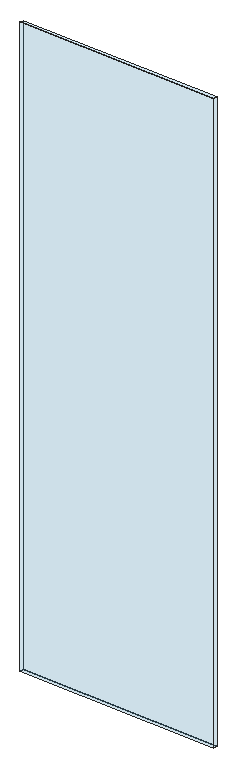
Revit family "Sefaira_Fixed", category Windows, host Wall, Revit 2014
Parameters (values of type "24" x 48"")
  Visual Light Transmittance = 0.9
  Thermal Resistance (R) = 1.5394 (h·ft²·°F)/BTU
  Solar Heat Gain Coefficient = 0.78
  Construction Type Id = "GSP4R"
  Heat Transfer Coefficient (U) = 0.6496 BTU/(h·ft²·°F)
  Assembly Code = "B2020100"
  Glass Pane Material = Glass
  Height = 6' - 0"
  Sash Material = Sash
  Default Sill Height = 3' - 0"
  Wall Closure = By host
  Width = 2' - 0"
  Analytic Construction = "1/8 in Pilkington single glazing"
Types (9): name | Height | Default Sill Height | Width
  36" x 48" | 6' - 0" | 3' - 0" | 2' - 0"
  24" x 48" | 6' - 0" | 3' - 0" | 2' - 0"
  24" x 24" | 2' - 0" | 3' - 0" | 2' - 0"
  16" x 24" | 2' - 0" | 3' - 0" | 1' - 4"
  16" x 48" | 4' - 0" | 3' - 0" | 1' - 4"
  16" x 72" | 6' - 0" | 1' - 0" | 1' - 4"
  24" x 72" | 6' - 0" | 1' - 0" | 2' - 0"
  36" x 24" | 2' - 0" | 3' - 0" | 3' - 0"
  36" x 72" | 6' - 0" | 1' - 0" | 3' - 0"
Reference planes (in)
  plane 1: y = 0
  plane 2: z = 0
  plane 3 "Center": x = -1.5
  plane 4 "Left": x = -13.5
  plane 5 "Right": x = 10.5
  plane 6 "Sill": z = 36
  plane 7 "Top": z = 108
  plane 8: y = 4
  plane 9: y = -4
  plane 10: y = 3.25
  plane 11: x = -12.75
  plane 12: x = -12.25
  plane 13: x = 9.75
  plane 14: x = 9.25
  plane 15: z = 107.25
  plane 16: z = 106.75
  plane 17: z = 37.25
  plane 18 "Closure": y = 2.125
Forms (in)
  Extrusion 1, solid, material "Glass" <- "Glass Pane Material"
    sketch origin (-4.9201, 0, -4.60771) x (1, 0, 0) y (0, 0, 1)
      loop
        line (-8.5799, 112.60771) -> (-8.5799, 40.60771) -> (15.4201, 40.60771) -> (15.4201, 112.60771) -> (-8.5799, 112.60771)
    from -2.625 to -2.125
Lines and regions (in)
  Opening 1
    outline origin (-60, -4, 0) x (1, 0, 0) y (0, 0, 1)
      loop
        line (46.5, 108) -> (46.5, 36) -> (70.5, 36) -> (70.5, 108) -> (46.5, 108)
  symbolic lines, style "WindowsFrameMullionProjection"
    curve 1: line (-13.5, 4, 0) -> (-12.75, 4, 0)
    curve 2: line (-12.75, 1.5, 0) -> (-12.75, 4, 0)
    curve 3: line (-12.75, 1.5, 0) -> (-12.25, 1.5, 0)
    curve 4: line (-12.25, -4, 0) -> (-12.25, 1.5, 0)
    curve 5: line (10.5, 4, 0) -> (9.75, 4, 0)
    curve 6: line (9.25, 1.5, 0) -> (9.25, -4, 0)
    curve 7: line (9.25, 1.5, 0) -> (9.75, 1.5, 0)
    curve 8: line (9.75, 1.5, 0) -> (9.75, 4, 0)
    curve 9: line (-12.75, 3.25, 0) -> (-11, 3.25, 0)
    curve 10: line (-12.75, 3.25, 0) -> (-12.75, 1.5, 0)
    curve 11: line (-12.75, 1.5, 0) -> (-11, 1.5, 0)
    curve 12: line (-11, 3.25, 0) -> (-11, 1.5, 0)
    curve 13: line (9.75, 3.25, 0) -> (8, 3.25, 0)
    curve 14: line (9.75, 3.25, 0) -> (9.75, 1.5, 0)
    curve 15: line (9.75, 1.5, 0) -> (8, 1.5, 0)
    curve 16: line (8, 3.25, 0) -> (8, 1.5, 0)
    curve 18: line (-12.25, -4, 0) -> (-13.5, -4, 0)
    curve 19: line (9.25, -4, 0) -> (10.5, -4, 0)
  symbolic lines, style "WindowsGlassProjection"
    curve 17: line (-11, 2.375, 0) -> (8, 2.375, 0)
Text (in)
  text "EXTERIOR" at (-56.58296, 53.32073, 0), in view "Floor Line"
  text "INTERIOR" at (-58.6888, -42.14638, 0), in view "Floor Line"
  text "Exterior" at (0, 43.65631, 134.44969), in view "Left"
  text "Exterior" at (0, 18.29385, 125.04747), in view "Right"
Dimensions and locks (in)
  equal spacing: plane 4 "Left", plane 3 "Center", plane 5 "Right"
  "Width": plane 4 "Left" to plane 5 "Right"
  plane 2 to plane 6 "Sill" to plane 16 to plane 7 "Top" = 3' - 0", 5' - 10 3/4", 0' - 1 1/4"
  locked: plane 8 to plane 10 at 0.75
  locked: plane 10 to Extrusion 1 at 0.625
  locked: Extrusion 1 to Extrusion 1 at 0.5
  locked: plane 4 "Left" to plane 11 at 0.75
  locked: plane 13 to plane 5 "Right" at 0.75
  locked: plane 14 to plane 5 "Right" at 1.25
  locked: plane 4 "Left" to plane 12 at 1.25
  locked: plane 15 to plane 7 "Top" at 0.75
  locked: plane 7 "Top" to plane 16 at 1.25
  locked: plane 17 to plane 6 "Sill" at 1.25
  "Height": plane 7 "Top" to plane 6 "Sill"
  "Default Sill Height": plane 6 "Sill" to plane 2
  locked: plane 10 to plane 18 "Closure" at 1.125
  aligned and locked: plane 7 "Top" to Opening 1 sketch curve
  aligned and locked: plane 6 "Sill" to Opening 1 sketch curve  (x2)
  aligned and locked: plane 5 "Right" to Opening 1 sketch curve
  aligned and locked: plane 4 "Left" to Opening 1 sketch curve
  aligned and locked: plane 9 to host wall
  aligned and locked: plane 8 to host wall
Automatic sketch dimensions
  curve 18 to plane 4 "Left" = 0' - 0"
  curve 1 to plane 4 "Left" = 0' - 0"
  curve 2 to plane 8 = 0' - 0"
  curve 10 to plane 10 = 0' - 0"
  curve 13 to plane 10 = 0' - 0"
  curve 19 to plane 5 "Right" = 0' - 0"
  curve 1 to curve 2 = 0' - 0 3/4"
  curve 9 to curve 12 = 0' - 1 3/4"
  plane 5 "Right" to curve 13 = 0' - 0 3/4"
  curve 19 to plane 9 = 0' - 0"
  curve 4 to plane 9 = 0' - 0"
  curve 11 to curve 17 = 0' - 0 7/8"
  curve 5 to host wall = 0' - 0"
  curve 5 to plane 5 "Right" = 0' - 0"
  plane 18 "Closure" to curve 4 = 0' - 0 5/8"
  plane 18 "Closure" to curve 16 = 0' - 0 5/8"
  plane 14 to curve 13 = 0' - 1 1/4"
  curve 3 to plane 12 = 0' - 0"
  curve 7 to plane 14 = 0' - 0"
  plane 4 "Left" to Extrusion 1 sketch curve = 0' - 0"
  plane 5 "Right" to Extrusion 1 sketch curve = 0' - 0"
  Extrusion 1 sketch curve to plane 6 "Sill" = 0' - 0"
  Extrusion 1 sketch curve to plane 7 "Top" = 0' - 0"
